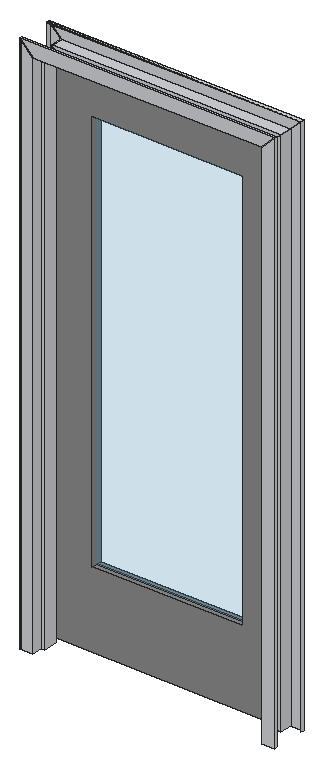
Revit family "Ext-FG-MDMF-36 x 84", category Doors, host Wall, Revit 2014
Parameters (values of type "Ext-FG-MDMF-36" x 84"")
  Width = Door Panel Width  # 3' - 0"
  Wall Thickness [instance] = 0' - 5 3/4"
  URL = ""
  Type Comments = "EXT,"
  Thickness = 0' - 1 3/4"
  Swing Angle [instance] = 90.00°
  SDI RO Spacing = 0' - 0"
  SDI Panel 1 Width = Leaf Width + 0' 0 3/16"  # 3' - 0"
  SDI No Panels = ""
  SDI HW Set [instance] = ""
  SDI HW Item LO-2 [instance] = ""
  SDI HW Item LO-1 [instance] = ""
  SDI HW Item KP-2 [instance] = ""
  SDI HW Item KP-1 [instance] = ""
  SDI HW Item HI-2 [instance] = ""
  SDI HW Item HI-1 [instance] = ""
  SDI HW Item HC-2 [instance] = ""
  SDI HW Item HC-1 [instance] = ""
  SDI HW Item ED-2 [instance] = ""
  SDI HW Item ED-1 [instance] = ""
  SDI HW Item DO-2 [instance] = ""
  SDI HW Item DO-1 [instance] = ""
  SDI HW Item CL-2 [instance] = ""
  SDI HW Item CL-1 [instance] = ""
  SDI Glass Material = Glass
  SDI Frame Type = "3 Piece"
  SDI Frame Material Type = "Hollow Metal"
  SDI Frame Material = Paint - Generic - Prime
  SDI Frame Manufacturer = ""
  SDI Frame Jamb Width = 0' - 2"
  SDI Frame Head Width = 0' - 2"
  SDI Frame Finish Type = "Painted"
  SDI Frame Finish Color = "Prime"
  SDI Frame Depth [instance] = 0' - 5 3/4"
  SDI Family Version = "1.0"
  SDI Door Top Rail Width = 0' - 7 3/4"
  SDI Door Stile Width = 0' - 6"
  SDI Door Panel Type = "FG"
  SDI Door Material Type = "Hollow Metal"
  SDI Door Material = Paint - Generic - Prime
  SDI Door Manufacturer = ""
  SDI Door Glass Type = "1/4\" Tempered"
  SDI Door Finish Type = "Painted"
  SDI Door Finish Color = "Prime"
  SDI Door Configuration = "SG"
  SDI Door Bottom Rail Width = 1' - 0"
  SDI Arch Frame Type [instance] = "1"
  SDI Arch Frame Material Type [instance] = "HM"
  SDI Arch Door Panel Type [instance] = "FG"
  SDI Arch Door Material Type [instance] = "HM"
  Rough Width = Frame Width - 0' 0" + 2 * SDI RO Spacing  # 3' - 4"
  Rough Height = Frame Height - 0' 0" + SDI RO Spacing  # 7' - 2"
  R1 Height = 7' - 0"
  P1 Width = 3' - 2"
  Model = "Ext-FG-MDMF-36\" x 84\""
  Manufacturer = ""
  Leaf Width = P1 Width - 0' 2 3/16"  # 2' - 11 13/16"
  Height = Door Panel Height  # 7' - 0"
  Glass Offset [instance] = 0' 2 1/16" + (SDI Frame Depth - 0' 5 3/4") / 2  # 0' - 2 1/16"
  Function = Exterior
  Frame Width = P1 Width + 0' 2"  # 3' - 4"
  Frame Offset [instance] = if(Aligned Exterior, SDI Frame Depth / 2, if(Aligned Center, Wall Thickness / 2, if(Aligned Interior, Wall Thickness - SDI Frame Depth + SDI Frame Depth / 2, Aligned Other)))  # 0' - 2 7/8"
  Frame Height = R1 Height + 0' 2"  # 7' - 2"
  Fire Rating = ""
  Exterior Glazing [instance] = no
  Door Panel Width = P1 Width - 0' 2"  # 3' - 0"
  Door Panel Height = R1 Height + 0' 2" - (0' 2")  # 7' - 0"
  Door Offset [instance] = 0' 2 13/16" + (SDI Frame Depth - 0' 5 3/4") / 2  # 0' - 2 13/16"
  Description = "Hollow Metal Door with Hollow Metal Frame"
  Cost = 0
  Assembly Code = "B2030120"
  Analytic Construction = "<None>"
  Aligned Other [instance] = 0' - 0"
  Aligned Interior [instance] = no
  Aligned Exterior [instance] = yes
  Aligned Center [instance] = no
  ADA Clearance Lines = no
Reference planes (in)
  plane 1: y = 0
  plane 2 "Center (Left/Right)": x = 0
  plane 3 "Wall Edge": y = 2.875
  plane 4 "Wall Interior": y = -2.875
  plane 5 "ModelRefLevel": z = 0
  plane 6 "FrameDepthPlane": y = 0
  plane 7 "FrameFront": y = 2.875
  plane 8 "FrameBack": y = -2.875
  plane 9 "V0": x = 19
  plane 10 "V1": x = -19
  plane 11 "H0": z = 1
  plane 12 "H1": z = 85
  plane 13 "DoorLeft": x = 18
  plane 14 "DoorRight": x = -18
  plane 15 "DoorCenter": x = 0
  plane 16 "DoorTop": z = 83.875
  plane 17 "DoorCenterTB": z = 41.9375
  plane 18 "DoorExtFace": y = 2.8125
  plane 19 "DoorGlassFace": y = 2.0625
  plane 20 "LockCenterLine": z = 41.3125
  plane 21 "DoorExtFace1": y = 2.0625
  plane 22 "ActDoorLeft": x = 17.90625
  plane 23 "SwingClrPlane": y = 62.875
  plane 24 "SwingPartialPlane": y = 50.875
Forms (in)
  Extrusion 1, solid
    sketch origin (138.6875, 0, 43) x (-1, 0, 0) y (0, -1, 0)
      loop
        line (118.6875, -2.375) -> (118.6875, -2.875) -> (120.6875, -2.875) -> (120.6875, -0.9375) -> (121.3125, -0.9375) -> (121.3125, 1.3125) -> (120.6875, 1.3125) -> (120.6875, 2.875) -> (118.6875, 2.875) -> (118.6875, 2.4375) -> (118.75, 2.4375) -> (118.75, 2.8125) -> (120.625, 2.8125) -> (120.625, 1.25) -> (121.25, 1.25) -> (121.25, -0.875) -> (120.625, -0.875) -> (120.625, -2.8125) -> (118.75, -2.8125) -> (118.75, -2.375) -> (118.6875, -2.375)
    from -43 to 43
  Extrusion 2, void
    sketch origin (0, 2.875, 0) x (1, 0, 0) y (0, 0, 1)
      loop
        line (20, 86) -> (17.375, 86) -> (17.375, 83.375) -> (20, 86)
    from -12 to 12
  Extrusion 3, solid
    sketch origin (101.3125, 0, 43) x (-1, 0, 0) y (0, -1, 0)
      loop
        line (121.25, -2.375) -> (121.25, -2.8125) -> (119.375, -2.8125) -> (119.375, -0.875) -> (118.75, -0.875) -> (118.75, 1.25) -> (119.375, 1.25) -> (119.375, 2.8125) -> (121.25, 2.8125) -> (121.25, 2.4375) -> (121.3125, 2.4375) -> (121.3125, 2.875) -> (119.3125, 2.875) -> (119.3125, 1.3125) -> (118.6875, 1.3125) -> (118.6875, -0.9375) -> (119.3125, -0.9375) -> (119.3125, -2.875) -> (121.3125, -2.875) -> (121.3125, -2.375) -> (121.25, -2.375)
    from -43 to 43
  Extrusion 4, void
    sketch origin (0, 2.875, 0) x (1, 0, 0) y (0, 0, 1)
      loop
        line (-20, 86) -> (-17.375, 83.375) -> (-17.375, 86) -> (-20, 86)
    from -12 to 12
  Extrusion 5, solid
    sketch origin (0, 0, 84.6875) x (0, 1, 0) y (0, 0, 1)
      loop
        line (2.375, 1.25) -> (2.8125, 1.25) -> (2.8125, -0.625) -> (0.875, -0.625) -> (0.875, -1.25) -> (-1.25, -1.25) -> (-1.25, -0.625) -> (-2.8125, -0.625) -> (-2.8125, 1.25) -> (-2.4375, 1.25) -> (-2.4375, 1.3125) -> (-2.875, 1.3125) -> (-2.875, -0.6875) -> (-1.3125, -0.6875) -> (-1.3125, -1.3125) -> (0.9375, -1.3125) -> (0.9375, -0.6875) -> (2.875, -0.6875) -> (2.875, 1.3125) -> (2.375, 1.3125) -> (2.375, 1.25)
    from -20 to 20
  Extrusion 6, void
    sketch origin (0, 2.875, 0) x (1, 0, 0) y (0, 0, 1)
      loop
        line (-20, 86) -> (-20, 83.375) -> (-17.375, 83.375) -> (-20, 86)
    from -12 to 12
  Extrusion 7, void
    sketch origin (0, 2.875, 0) x (1, 0, 0) y (0, 0, 1)
      loop
        line (20, 86) -> (17.375, 83.375) -> (20, 83.375) -> (20, 86)
    from -12 to 12
  Extrusion 8, solid, material "Paint - Generic - Prime" <- "SDI Door Material"
    sketch origin (-60, 2.8125, -12) x (1, 0, 0) y (0, 0, 1)
      loop
        line (77.90625, 12.625) -> (77.90625, 95.875) -> (42.09375, 95.875) -> (42.09375, 12.625) -> (77.90625, 12.625)
      loop
        line (71.90625, 24.625) -> (71.90625, 88.125) -> (48.09375, 88.125) -> (48.09375, 24.625) -> (71.90625, 24.625)
    from 0 to 1.75
  Extrusion 9, solid, material "Glass" <- "SDI Glass Material"
    sketch origin (-60, 2.0625, -12) x (1, 0, 0) y (0, 0, 1)
      loop
        line (48.09375, 24.625) -> (71.90625, 24.625) -> (71.90625, 88.125) -> (48.09375, 88.125) -> (48.09375, 24.625)
    from 0 to 0.25
Cuts and joins
  Extrusion 2 cuts Extrusion 1
  Extrusion 4 cuts Extrusion 3
  Extrusion 6, Extrusion 7 cuts Extrusion 5
Lines and regions (in)
  Opening 1
    outline origin (-60, -2.875, 0) x (1, 0, 0) y (0, 0, 1)
      loop
        line (80, 0) -> (80, 86) -> (40, 86) -> (40, 0) -> (80, 0)
  symbolic lines, style "DoorsFrameMullionProjection", detail levels fine
    curve 1: line (20, 2.375, 0) -> (20, 2.875, 0)
    curve 2: line (20, 2.875, 0) -> (18, 2.875, 0)
    curve 3: line (18, 2.875, 0) -> (18, 0.9375, 0)
    curve 4: line (18, 0.9375, 0) -> (17.375, 0.9375, 0)
    curve 5: line (17.375, 0.9375, 0) -> (17.375, -1.3125, 0)
    curve 6: line (17.375, -1.3125, 0) -> (18, -1.3125, 0)
    curve 7: line (18, -1.3125, 0) -> (18, -2.875, 0)
    curve 8: line (18, -2.875, 0) -> (20, -2.875, 0)
    curve 9: line (20, -2.875, 0) -> (20, -2.4375, 0)
    curve 10: line (20, -2.4375, 0) -> (19.9375, -2.4375, 0)
    curve 11: line (19.9375, -2.4375, 0) -> (19.9375, -2.8125, 0)
    curve 12: line (19.9375, -2.8125, 0) -> (18.0625, -2.8125, 0)
    curve 13: line (18.0625, -2.8125, 0) -> (18.0625, -1.25, 0)
    curve 14: line (18.0625, -1.25, 0) -> (17.4375, -1.25, 0)
    curve 15: line (17.4375, -1.25, 0) -> (17.4375, 0.875, 0)
    curve 16: line (17.4375, 0.875, 0) -> (18.0625, 0.875, 0)
    curve 17: line (18.0625, 0.875, 0) -> (18.0625, 2.8125, 0)
    curve 18: line (18.0625, 2.8125, 0) -> (19.9375, 2.8125, 0)
    curve 19: line (19.9375, 2.8125, 0) -> (19.9375, 2.375, 0)
    curve 20: line (19.9375, 2.375, 0) -> (20, 2.375, 0)
    curve 25: line (-19.9375, 2.375, 0) -> (-19.9375, 2.8125, 0)
    curve 26: line (-19.9375, 2.8125, 0) -> (-18.0625, 2.8125, 0)
    curve 27: line (-18.0625, 2.8125, 0) -> (-18.0625, 0.875, 0)
    curve 28: line (-18.0625, 0.875, 0) -> (-17.4375, 0.875, 0)
    curve 29: line (-17.4375, 0.875, 0) -> (-17.4375, -1.25, 0)
    curve 30: line (-17.4375, -1.25, 0) -> (-18.0625, -1.25, 0)
    curve 31: line (-18.0625, -1.25, 0) -> (-18.0625, -2.8125, 0)
    curve 32: line (-18.0625, -2.8125, 0) -> (-19.9375, -2.8125, 0)
    curve 33: line (-19.9375, -2.8125, 0) -> (-19.9375, -2.4375, 0)
    curve 34: line (-19.9375, -2.4375, 0) -> (-20, -2.4375, 0)
    curve 35: line (-20, -2.4375, 0) -> (-20, -2.875, 0)
    curve 36: line (-20, -2.875, 0) -> (-18, -2.875, 0)
    curve 37: line (-18, -2.875, 0) -> (-18, -1.3125, 0)
    curve 38: line (-18, -1.3125, 0) -> (-17.375, -1.3125, 0)
    curve 39: line (-17.375, -1.3125, 0) -> (-17.375, 0.9375, 0)
    curve 40: line (-17.375, 0.9375, 0) -> (-18, 0.9375, 0)
    curve 41: line (-18, 0.9375, 0) -> (-18, 2.875, 0)
    curve 42: line (-18, 2.875, 0) -> (-20, 2.875, 0)
    curve 43: line (-20, 2.875, 0) -> (-20, 2.375, 0)
    curve 44: line (-20, 2.375, 0) -> (-19.9375, 2.375, 0)
  symbolic lines, style "DoorsFrameMullionProjection", detail levels coarse+medium
    curve 21: line (18, -2.875, 0) -> (20, -2.875, 0)
    curve 22: line (18, 2.875, 0) -> (20, 2.875, 0)
    curve 23: line (18, -2.875, 0) -> (18, 2.875, 0)
    curve 24: line (20, -2.875, 0) -> (20, 2.875, 0)
    curve 45: line (-20, -2.875, 0) -> (-18, -2.875, 0)
    curve 46: line (-20, 2.875, 0) -> (-18, 2.875, 0)
    curve 47: line (-20, -2.875, 0) -> (-20, 2.875, 0)
    curve 48: line (-18, -2.875, 0) -> (-18, 2.875, 0)
  symbolic lines, style "Elevation Swing"
    curve 49: line (-17.90625, 2.875, 83.875) -> (17.90625, 2.875, 41.9375)
    curve 50: line (-17.90625, 2.875, 0) -> (17.90625, 2.875, 41.9375)
  symbolic lines, style "ADA Clearance", visible <- "ADA Clearance Lines"
    curve 51: line (20, 2.875, 0) -> (20, 62.875, 0)
    curve 52: line (-36, 62.875, 0) -> (20, 62.875, 0)
    curve 53: line (-36, 50.875, 0) -> (20, 50.875, 0)
    curve 54: line (-36, 2.875, 0) -> (-36, 62.875, 0)
    curve 55: line (20, -2.875, 0) -> (20, -50.875, 0)
    curve 56: line (-30, -50.875, 0) -> (20, -50.875, 0)
    curve 57: line (-30, -2.875, 0) -> (-30, -50.875, 0)
Text (in)
  text "Placement Side" at (0, 40.15149, 123.01588), in view "Right"
  text "Placement Side" at (-70.3804, 28.46503, 0), in view "Ref. Level"
  text "Placement Side" at (0, 81.62555, 140.59947), in view "Left"
Dimensions and locks (in)
  locked: plane 3 "Wall Edge" to host wall
  equal spacing: host wall, plane 2 "Center (Left/Right)", host wall
  "Rough Width": host wall to host wall
  "Rough Height": level to host wall
  equal spacing: plane 3 "Wall Edge", plane 1, plane 4 "Wall Interior"
  "Wall Thickness": host wall to host wall
  "Frame Offset": plane 3 "Wall Edge" to plane 6 "FrameDepthPlane"
  equal spacing: plane 7 "FrameFront", plane 6 "FrameDepthPlane", plane 8 "FrameBack"
  "SDI Frame Depth": plane 7 "FrameFront" to plane 8 "FrameBack"
  equal spacing: plane 9 "V0", plane 2 "Center (Left/Right)", plane 10 "V1"
  "P1 Width": plane 9 "V0" to plane 10 "V1"
  "R1 Height": plane 11 "H0" to plane 12 "H1"
  locked: plane 12 "H1" to Extrusion 1 at 1
  locked: plane 11 "H0" to Extrusion 1 at 1
  locked: plane 9 "V0" to Extrusion 1 at 1  (x4)
  locked: plane 9 "V0" to Extrusion 1 at 0.9375  (x5)
  locked: plane 9 "V0" to Extrusion 1 at 1.5625
  locked: plane 9 "V0" to Extrusion 1 at 1.625
  locked: plane 12 "H1" to Extrusion 3 at 1
  locked: plane 11 "H0" to Extrusion 3 at 1
  locked: plane 10 "V1" to Extrusion 3 at 0.9375  (x4)
  locked: plane 10 "V1" to Extrusion 3 at 1  (x5)
  locked: plane 10 "V1" to Extrusion 3 at 1.625
  locked: plane 10 "V1" to Extrusion 3 at 1.5625
  locked: plane 9 "V0" to Extrusion 5 at 1
  locked: plane 10 "V1" to Extrusion 5 at 1
  locked: plane 12 "H1" to Extrusion 5 at 0.9375  (x5)
  locked: plane 12 "H1" to Extrusion 5 at 1.5625
  locked: plane 12 "H1" to Extrusion 5 at 1  (x4)
  locked: plane 12 "H1" to Extrusion 5 at 1.625
  locked: plane 7 "FrameFront" to cut or joined group of Extrusion 1, Extrusion 2 at 1.9375
  locked: plane 7 "FrameFront" to cut or joined group of Extrusion 1, Extrusion 2 at 2
  locked: plane 7 "FrameFront" to cut or joined group of Extrusion 1, Extrusion 2 at 0.0625
  locked: plane 7 "FrameFront" to cut or joined group of Extrusion 1, Extrusion 2 at 0.5
  locked: plane 8 "FrameBack" to cut or joined group of Extrusion 1, Extrusion 2 at 1.5625
  locked: plane 8 "FrameBack" to cut or joined group of Extrusion 1, Extrusion 2 at 0.4375
  locked: plane 8 "FrameBack" to cut or joined group of Extrusion 1, Extrusion 2 at 0.0625
  locked: plane 8 "FrameBack" to cut or joined group of Extrusion 1, Extrusion 2 at 1.625
  locked: plane 7 "FrameFront" to cut or joined group of Extrusion 3, Extrusion 4 at 0.0625
  locked: plane 7 "FrameFront" to cut or joined group of Extrusion 3, Extrusion 4 at 2
  locked: plane 7 "FrameFront" to cut or joined group of Extrusion 3, Extrusion 4 at 1.9375
  locked: plane 7 "FrameFront" to cut or joined group of Extrusion 3, Extrusion 4 at 0.5
  locked: plane 8 "FrameBack" to cut or joined group of Extrusion 3, Extrusion 4 at 1.625
  locked: plane 8 "FrameBack" to cut or joined group of Extrusion 3, Extrusion 4 at 0.0625
  locked: plane 8 "FrameBack" to cut or joined group of Extrusion 3, Extrusion 4 at 0.4375
  locked: plane 8 "FrameBack" to cut or joined group of Extrusion 3, Extrusion 4 at 1.5625
  locked: plane 7 "FrameFront" to cut or joined group of Extrusion 5, Extrusion 6, Extrusion 7 at 0.0625
  locked: plane 7 "FrameFront" to cut or joined group of Extrusion 5, Extrusion 6, Extrusion 7 at 2
  locked: plane 7 "FrameFront" to cut or joined group of Extrusion 5, Extrusion 6, Extrusion 7 at 1.9375
  locked: plane 7 "FrameFront" to cut or joined group of Extrusion 5, Extrusion 6, Extrusion 7 at 0.5
  locked: plane 8 "FrameBack" to cut or joined group of Extrusion 5, Extrusion 6, Extrusion 7 at 1.625
  locked: plane 8 "FrameBack" to cut or joined group of Extrusion 5, Extrusion 6, Extrusion 7 at 0.0625
  locked: plane 8 "FrameBack" to cut or joined group of Extrusion 5, Extrusion 6, Extrusion 7 at 0.4375
  locked: plane 8 "FrameBack" to cut or joined group of Extrusion 5, Extrusion 6, Extrusion 7 at 1.5625
  locked: plane 7 "FrameFront" to curve 4 at 1.9375
  locked: plane 7 "FrameFront" to curve 16 at 2
  locked: plane 7 "FrameFront" to curve 18 at 0.0625
  locked: plane 7 "FrameFront" to curve 20 at 0.5
  locked: plane 7 "FrameFront" to curve 26 at 0.0625
  locked: plane 7 "FrameFront" to curve 28 at 2
  locked: plane 7 "FrameFront" to curve 40 at 1.9375
  locked: plane 7 "FrameFront" to curve 44 at 0.5
  locked: plane 8 "FrameBack" to curve 6 at 1.5625
  locked: plane 8 "FrameBack" to curve 10 at 0.4375
  locked: plane 8 "FrameBack" to curve 12 at 0.0625
  locked: plane 8 "FrameBack" to curve 14 at 1.625
  locked: plane 8 "FrameBack" to curve 30 at 1.625
  locked: plane 8 "FrameBack" to curve 32 at 0.0625
  locked: plane 8 "FrameBack" to curve 34 at 0.4375
  locked: plane 8 "FrameBack" to curve 38 at 1.5625
  locked: plane 9 "V0" to plane 13 "DoorLeft" at 1
  locked: plane 10 "V1" to plane 14 "DoorRight" at 1
  locked: plane 12 "H1" to plane 16 "DoorTop" at 1.125
  equal spacing: plane 16 "DoorTop", plane 17 "DoorCenterTB", plane 5 "ModelRefLevel"
  "Door Offset": plane 6 "FrameDepthPlane" to plane 18 "DoorExtFace"
  "Glass Offset": plane 6 "FrameDepthPlane" to plane 19 "DoorGlassFace"
  locked: plane 20 "LockCenterLine" to plane 5 "ModelRefLevel" at 41.3125
  locked: Extrusion 8 to Extrusion 8 at 1.75
  locked: plane 6 "FrameDepthPlane" to plane 21 "DoorExtFace1" at 2.0625
  locked: Extrusion 9 to Extrusion 9 at 0.25
  locked: plane 13 "DoorLeft" to Extrusion 8 at 0.09375
  locked: plane 14 "DoorRight" to Extrusion 8 at 6.09375
  locked: plane 14 "DoorRight" to Extrusion 8 at 0.09375
  locked: plane 13 "DoorLeft" to Extrusion 8 at 6.09375
  locked: plane 5 "ModelRefLevel" to Extrusion 8 at 12.625
  locked: plane 5 "ModelRefLevel" to Extrusion 8 at 0.625
  locked: plane 16 "DoorTop" to Extrusion 8 at 7.75
  locked: plane 13 "DoorLeft" to Extrusion 9 at 6.09375
  locked: plane 14 "DoorRight" to Extrusion 9 at 6.09375
  locked: plane 16 "DoorTop" to Extrusion 9 at 7.75
  locked: plane 5 "ModelRefLevel" to Extrusion 9 at 12.625
  locked: plane 13 "DoorLeft" to plane 22 "ActDoorLeft" at 0.09375
  locked: plane 3 "Wall Edge" to plane 23 "SwingClrPlane" at 60
  locked: plane 3 "Wall Edge" to plane 24 "SwingPartialPlane" at 48
  aligned and locked: plane 4 "Wall Interior" to host wall
  aligned and locked: cut or joined group of Extrusion 1, Extrusion 2 to plane 7 "FrameFront"
  aligned and locked: plane 8 "FrameBack" to cut or joined group of Extrusion 1, Extrusion 2
  aligned and locked: cut or joined group of Extrusion 3, Extrusion 4 to plane 7 "FrameFront"
  aligned and locked: plane 8 "FrameBack" to cut or joined group of Extrusion 3, Extrusion 4
  aligned and locked: cut or joined group of Extrusion 5, Extrusion 6, Extrusion 7 to plane 7 "FrameFront"
  aligned and locked: plane 8 "FrameBack" to cut or joined group of Extrusion 5, Extrusion 6, Extrusion 7
  aligned and locked: curve 2 to plane 7 "FrameFront"
  aligned and locked: plane 7 "FrameFront" to curve 22
  aligned and locked: curve 42 to plane 7 "FrameFront"
  aligned and locked: plane 7 "FrameFront" to curve 46
  aligned and locked: plane 8 "FrameBack" to curve 8
  aligned and locked: plane 8 "FrameBack" to curve 36
  aligned and locked: Extrusion 8 to plane 18 "DoorExtFace"
  aligned and locked: Extrusion 9 to plane 21 "DoorExtFace1"
  aligned and locked: Extrusion 8 to plane 16 "DoorTop"
  aligned and locked: plane 7 "FrameFront" to nested 1
  aligned and locked: plane 22 "ActDoorLeft" to nested 1
  aligned and locked: plane 23 "SwingClrPlane" to curve 52
  aligned and locked: plane 24 "SwingPartialPlane" to curve 53
Automatic sketch dimensions
  Opening 1 sketch curve to level = 0' - 0"
  Opening 1 sketch curve to plane 2 "Center (Left/Right)" = 1' - 8"
  plane 2 "Center (Left/Right)" to Opening 1 sketch curve = 1' - 8"
  level to Opening 1 sketch curve = 7' - 2"
  Extrusion 2 sketch curve to plane 9 "V0" = 0' - 1 5/8"
  plane 9 "V0" to Extrusion 2 sketch curve = 0' - 1"
  plane 12 "H1" to Extrusion 2 sketch curve = 0' - 1 5/8"
  Extrusion 2 sketch curve to plane 12 "H1" = 0' - 1"
  Extrusion 1 sketch curve to host wall = 0' - 0"
  host wall to Extrusion 1 sketch curve = 0' - 0"
  Extrusion 1 sketch curve to host wall = 0' - 0 1/2"
  plane 2 "Center (Left/Right)" to Extrusion 1 sketch curve = 1' - 8"  (x2)
  Extrusion 1 sketch curve to host wall = 0' - 0 7/16"
  Extrusion 1 sketch curve to Extrusion 1 sketch curve = 0' - 0 1/16"  (x7)
  plane 2 "Center (Left/Right)" to Extrusion 1 sketch curve = 1' - 6 1/16"  (x2)
  Extrusion 1 sketch curve to host wall = 0' - 0 1/16"  (x2)
  Extrusion 1 sketch curve to Extrusion 1 sketch curve = 0' - 0 9/16"
  Extrusion 1 sketch curve to host wall = 0' - 0 15/16"
  host wall to Extrusion 1 sketch curve = 0' - 1 1/4"
  plane 9 "V0" to curve 1 = 0' - 1"
  curve 6 to curve 5 = 0' - 0 5/8"
  curve 7 to plane 9 "V0" = 0' - 1"
  curve 9 to curve 10 = 0' - 0 1/16"
  curve 12 to curve 7 = 0' - 0 1/16"
  curve 14 to curve 5 = 0' - 0 1/16"
  curve 16 to curve 3 = 0' - 0 1/16"
  curve 1 to curve 18 = 0' - 0 1/16"
  Extrusion 4 sketch curve to plane 10 "V1" = 0' - 1"
  plane 10 "V1" to Extrusion 4 sketch curve = 0' - 1 5/8"
  plane 12 "H1" to Extrusion 4 sketch curve = 0' - 1 5/8"
  Extrusion 4 sketch curve to plane 12 "H1" = 0' - 1"
  host wall to Extrusion 3 sketch curve = 0' - 0"
  Extrusion 3 sketch curve to host wall = 0' - 0"
  Extrusion 3 sketch curve to plane 2 "Center (Left/Right)" = 1' - 5 3/8"
  Extrusion 3 sketch curve to Extrusion 3 sketch curve = 0' - 0 1/16"  (x7)
  Extrusion 3 sketch curve to Extrusion 3 sketch curve = 0' - 0 9/16"  (x2)
  Extrusion 3 sketch curve to host wall = 0' - 0 7/16"
  Extrusion 3 sketch curve to plane 2 "Center (Left/Right)" = 1' - 7 15/16"  (x2)
  Extrusion 3 sketch curve to host wall = 0' - 0 1/2"
  Extrusion 3 sketch curve to host wall = 0' - 0 1/16"  (x2)
  Extrusion 3 sketch curve to host wall = 0' - 0 15/16"
  host wall to Extrusion 3 sketch curve = 0' - 1 1/4"
  plane 10 "V1" to curve 26 = 0' - 0 15/16"
  curve 29 to curve 30 = 0' - 0 5/8"
  curve 32 to plane 10 "V1" = 0' - 0 15/16"
  curve 33 to curve 34 = 0' - 0 1/16"
  curve 36 to curve 31 = 0' - 0 1/16"
  curve 38 to curve 29 = 0' - 0 1/16"
  curve 40 to curve 27 = 0' - 0 1/16"
  curve 25 to curve 42 = 0' - 0 1/16"
  Extrusion 6 sketch curve to plane 10 "V1" = 0' - 1"
  plane 10 "V1" to Extrusion 6 sketch curve = 0' - 1 5/8"
  plane 12 "H1" to Extrusion 6 sketch curve = 0' - 1 5/8"
  Extrusion 6 sketch curve to plane 12 "H1" = 0' - 1"
  Extrusion 7 sketch curve to plane 9 "V0" = 0' - 1 5/8"
  plane 9 "V0" to Extrusion 7 sketch curve = 0' - 1"
  plane 12 "H1" to Extrusion 7 sketch curve = 0' - 1 5/8"
  Extrusion 7 sketch curve to plane 12 "H1" = 0' - 1"
  Extrusion 5 sketch curve to host wall = 0' - 0"  (x2)
  Extrusion 5 sketch curve to host wall = 0' - 0 1/16"  (x2)
  Extrusion 5 sketch curve to Extrusion 5 sketch curve = 0' - 0 3/8"
  host wall to Extrusion 5 sketch curve = 0' - 1 5/16"
  Extrusion 5 sketch curve to Extrusion 5 sketch curve = 0' - 0 1/16"  (x7)
  Extrusion 5 sketch curve to host wall = 0' - 0 7/8"
  Extrusion 5 sketch curve to host wall = 0' - 0 1/2"
  level to Extrusion 5 sketch curve = 6' - 11 3/8"
  Extrusion 5 sketch curve to Extrusion 5 sketch curve = 0' - 0 9/16"  (x2)
  Extrusion 5 sketch curve to plane 11 "H0" = 7' - 0 15/16"  (x2)
  Extrusion 8 sketch curve to plane 16 "DoorTop" = 0' - 0"
  plane 14 "DoorRight" to Extrusion 8 sketch curve = 0' - 0 3/32"
  plane 14 "DoorRight" to Extrusion 8 sketch curve = 0' - 6 3/32"
  Extrusion 8 sketch curve to plane 13 "DoorLeft" = 0' - 6 3/32"
  Extrusion 8 sketch curve to plane 13 "DoorLeft" = 0' - 0 3/32"
  plane 16 "DoorTop" to Extrusion 8 sketch curve = 0' - 7 3/4"
  Extrusion 8 sketch curve to plane 11 "H0" = 0' - 11 5/8"
  plane 11 "H0" to Extrusion 8 sketch curve = 0' - 0 3/8"
  plane 14 "DoorRight" to Extrusion 9 sketch curve = 0' - 6 3/32"
  Extrusion 9 sketch curve to plane 13 "DoorLeft" = 0' - 6 3/32"
  Extrusion 9 sketch curve to plane 11 "H0" = 0' - 11 5/8"
  plane 16 "DoorTop" to Extrusion 9 sketch curve = 0' - 7 3/4"
  curve 49 to plane 16 "DoorTop" = 0' - 0"
  curve 49 to plane 17 "DoorCenterTB" = 0' - 0"
  plane 14 "DoorRight" to curve 49 = 0' - 0 3/32"
  curve 50 to level = 0' - 0"
  curve 50 to plane 22 "ActDoorLeft" = 0' - 0"
  plane 14 "DoorRight" to curve 50 = 0' - 0 3/32"
  curve 51 to host wall = 0' - 0"
  plane 9 "V0" to curve 51 = 0' - 1"
  curve 54 to host wall = 0' - 0"
  host wall to curve 55 = 0' - 0"
  plane 9 "V0" to curve 55 = 0' - 1"
  host wall to curve 55 = 4' - 0"
  curve 56 to plane 10 "V1" = 0' - 11"
  host wall to curve 57 = 0' - 0"
  curve 57 to curve 54 = 0' - 6"
Nested families (in)
  nested 1: "SingleDoorPlanLines" at (17.90625, 2.875, 0.625), type "SingleDoorPlanLines"
Definition of nested family "SingleDoorPlanLines"
  Parameters (values of type "SingleDoorPlanLines")
    Width = 3' - 0"
    URL = ""
    Thickness = 0' - 1 3/4"
    Analytic Construction = "<None>"
    Swing Angle = 90.00°
  Reference planes (in)
    plane 1 "Front": y = 0
    plane 2: z = 0
    plane 3 "Right": x = 0
    plane 4 "Left": x = -36
  Lines and regions (in)
    symbolic lines, style "DoorsPanelProjection"
      curve 1: line (0, 0, 0) -> (0, 36, 0)
      curve 2: line (0, 36, 0) -> (-1.75, 36, 0)
      curve 3: line (-1.75, 36, 0) -> (-1.75, 0, 0)
      curve 4: line (-1.75, 0, 0) -> (0, 0, 0)
    model lines, style "InvisibleLines", not visible
      curve 5: line (0, 0, 0) -> (-38.99851, -0.34033, 0)
    symbolic lines, style "Plan Swing"
      curve 6: arc (-35.99863, -0.31416, 0) -> (-25.56667, 25.34453, 0) -> (0, 36, 0) r 36
  Dimensions and locks (in)
    "Thickness": curve 3 to curve 1
    "Width": curve 2 to curve 4
    "Width": plane 4 "Left" to plane 3 "Right"
    "Swing Angle": angle curve 1 to plane 1 "Front"
    locked: plane 1 "Front" to curve 5 (angle 0.50°)
  Automatic sketch dimensions
    curve 6 to plane 1 "Front" = 0' - 0"
    curve 6 to plane 3 "Right" = 0' - 0"
    curve 4 to plane 1 "Front" = 0' - 0"
    curve 4 to plane 3 "Right" = 0' - 0"
